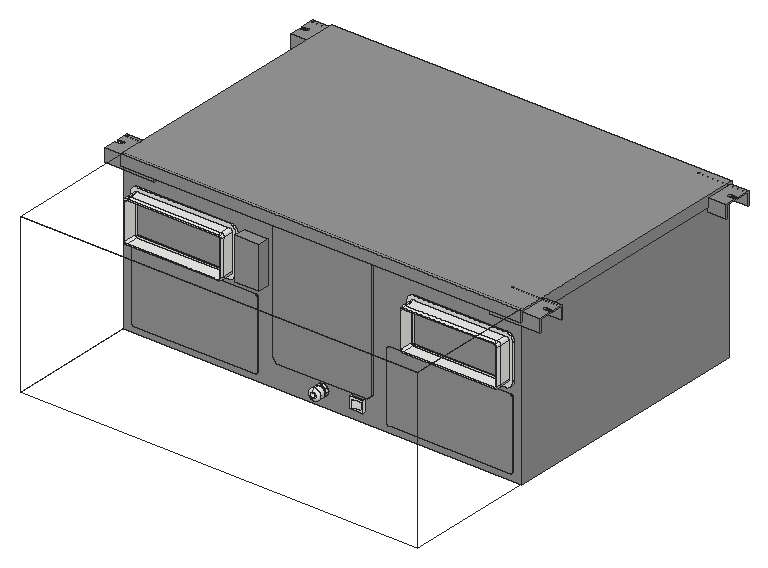
Revit family "CM-XBOX-INLINE2", category Mechanical Equipment, Revit 2015
Parameters
  Width = 923.3 mm
  Weight = 47.00 kg
  Unit Description = "Inline Cooling Module"
  Type Comments = Description  # "Inline Cooling Module"
  Supply Air Flow [instance] = 0.000 m³/s
  Supplier Part No = Nuaire Model Code  # "CM-XBOX-INLINE"
  Starting Current = 2.8 A
  Revit Family Last Revised = "10/01/2020"
  Quote Reference [instance] = ""
  Project Reference [instance] = ""
  Order Reference [instance] = ""
  OmniClass Title = "Refrigerant Condensing Units"
  OmniClass Number = "23-33 37 00"
  Number of Connection Poles = 2
  Nuaire Model No = Nuaire Model Code  # "CM-XBOX-INLINE"
  Nuaire Model Code = "CM-XBOX-INLINE"
  Manufacturer Name = "Nuaire"  # constant formula
  Location Reference [instance] = ""
  Location [instance] = ""
  Length = 610.3 mm
  IFCExportAs = "IfcCondenserType"
  I&M Manual = "http://nuaire.info/IandM/671506.pdf"
  Height = 364.9 mm
  Full Load Current = Starting Current  # 2.8 A
  Fan Unit = no
  Extract Air Flow [instance] = 0.000 m³/s
  Electrical Phase = 1
  Show Access Clearance [instance] = yes
  Voltage = if(Electrical Phase = 3, 400 V, 230 V)  # 230 V
  Model Drawn by = "Michael Grote"  # constant formula
  Maximum Ambient Temperature = 40 °C
  Duct Connection Width = 220 mm
  Duct Connection Height = 90 mm
  Classification.Uniclass.Pr.Number = "Pr_70_65_03_02"
  Classification.Uniclass.Pr.Description = "Air cooled condensing units"
  Catalogue Pages = "http://www.nuaire.info/catalogue/AHU-CAHU.pdf"
  URL = "http://www.nuaire.co.uk"
  Warranty Period = "1 Years"
  Weatherproof or Internal Only = "Internal"
  Manufacturer = Manufacturer Name  # "Nuaire"
  Description = Unit Description  # "Inline Cooling Module"
  Apparent Load = Voltage * Full Load Current  # 644 VA
  Address = "Western Industrial Estate, Caerphilly, UK"  # constant formula
  Postcode = "CF83 1NA"  # constant formula
  Telephone Number = "+44(0)2920-858-200"  # constant formula
  Fax Number = "+44(0)2920-858-222"  # constant formula
  Email Address = "info@nuaire.co.uk"  # constant formula
  VAT Registration Number = "877308"  # constant formula
  Model = Nuaire Model Code  # "CM-XBOX-INLINE"
Reference planes
  plane 1 "Center (Front/Back)": y = 0
  plane 2: z = 0
  plane 3 "Center (Left/Right)": x = 0
  plane 4: x = 461.65
  plane 5: x = -461.65
  plane 6: y = 305.15
  plane 7: y = -305.15
  plane 8: z = 364.9
  plane 9: x = 319.75
  plane 10: x = -319.75
  plane 11: z = 249.9
Forms (mm)
  Extrusion 1, solid, material "Steel, Galvanized"
    sketch origin (0, 0, 0) x (1, 0, 0) y (0, 1, 0)
      loop
        line (-461.65, 305.15) -> (-461.65, -305.15) -> (461.65, -305.15) -> (461.65, 305.15) -> (-461.65, 305.15)
    from 339.9 to 364.9
  Extrusion 2, solid, material "Steel, Galvanized"
    sketch origin (0, 0, 0) x (1, 0, 0) y (0, 1, 0)
      loop
        line (-460, 299.75) -> (-460, -299.3) -> (460, -299.3) -> (460, 299.75) -> (-460, 299.75)
    from 0 to 339.9
  Extrusion 3, solid, material "Steel, Galvanized", detail levels medium+fine
    sketch origin (0, 0, 0) x (1, 0, 0) y (0, 0, -1)
      loop
        line (-115, -339.9) -> (115, -339.9) -> (115, -64.7) -> (104.593, -54.293) -> (-104.393, -54.293) -> (-115, -64.9) -> (-115, -339.9)
    from -300.775 to -299.875
  Extrusion 4, solid, material "Steel, Galvanized", detail levels medium+fine
    sketch origin (0, 0, 0) x (1, 0, 0) y (0, 0, -1)
      loop
        line (435, -15) -> (155, -15)
        arc (155, -15) -> (151.464, -16.464) -> (150, -20) r 5
        line (150, -20) -> (150, -175)
        arc (150, -175) -> (151.464, -178.536) -> (155, -180) r 5
        line (155, -180) -> (435, -180)
        arc (435, -180) -> (438.536, -178.536) -> (440, -175) r 5
        line (440, -175) -> (440, -20)
        arc (440, -20) -> (438.536, -16.464) -> (435, -15) r 5
    from -300.775 to -299.875
  Extrusion 5, solid, material "Steel, Galvanized", detail levels medium+fine
    sketch origin (0, 0, 0) x (-1, 0, 0) y (0, 0, 1)
      loop
        arc (435, 15) -> (438.536, 16.464) -> (440, 20) r 5
        line (440, 20) -> (440, 175)
        arc (440, 175) -> (438.536, 178.536) -> (435, 180) r 5
        line (435, 180) -> (155, 180)
        arc (155, 180) -> (151.464, 178.536) -> (150, 175) r 5
        line (150, 175) -> (150, 20)
        arc (150, 20) -> (151.464, 16.464) -> (155, 15) r 5
        line (155, 15) -> (435, 15)
    from -300.775 to -299.875
  Extrusion 6, solid, material "Steel, Galvanized", detail levels medium+fine
    sketch origin (0, 0, 0) x (1, 0, 0) y (0, 0, -1)
      loop
        line (-126.95, -207.6) -> (-180.75, -207.6) -> (-180.75, -304.4) -> (-126.95, -304.4) -> (-126.95, -207.6)
    from -326.675 to -299.875
  Revolve 7, solid, material "White Plastic"
    sketch origin (0, 0, 0) x (0, 1, 0) y (0, 0, 1)
      loop
        line (-305.15, 48.934) -> (-305.15, 45.15) -> (-310.8, 45.15) -> (-310.8, 48.934) -> (-321.95, 48.934)
        arc (-321.95, 48.934) -> (-325.486, 47.469) -> (-326.95, 43.934) r 5
        line (-326.95, 43.934) -> (-326.95, 41.92) -> (-319.337, 41.92) -> (-319.337, 36.16) -> (-299.3, 36.16) -> (-299.3, 48.934) -> (-300.65, 48.934) -> (-305.15, 48.934)
      axis (-299.3, 36.16) -> (-326.95, 36.16)
    angle from 0 to 360
  Extrusion 8, solid, material "White Plastic"
    sketch origin (0, 0, 0) x (1, 0, 0) y (0, 0, 1)
      loop
        line (67.8, 48.8) -> (67.8, 23.8) -> (98, 23.8) -> (98, 48.8) -> (67.8, 48.8)
    from 299.875 to 305.275
  Extrusion 9, solid, material "White Plastic"
    sketch origin (-2.149, 0, 0) x (1, 0, 0) y (0, 1, 0)
      loop
        line (73.067, -305.15) -> (75.505, -308.056)
        arc (75.505, -308.056) -> (85.782, -305.88) -> (96.261, -305.15) r 75.573
        line (96.261, -305.15) -> (73.067, -305.15)
    from 27.915 to 44.338
  Extrusion 10, solid, material "White Plastic"
    sketch origin (0, -36.244, 6.604) x (0, 1, 0) y (0, 0, 1)
      loop
        circle (255.581, 13.426) r 7.5
      loop
        circle (255.581, 13.426) r 6.389
    from -510.95 to -460
  Extrusion 11, solid, material "Steel, Galvanized", detail levels medium+fine
    sketch origin (0, 0, 0) x (1, 0, 0) y (0, 1, 0)
      loop
        line (-504, 301.3) -> (-504, 270.925) -> (-490, 270.925)
        arc (-490, 270.925) -> (-486, 266.925) -> (-490, 262.925) r 4
        line (-490, 262.925) -> (-504, 262.925) -> (-504, 236.925) -> (-389, 236.925) -> (-389, 301.3) -> (-504, 301.3)
    from 331 to 361
  Extrusion 12, void
    sketch origin (0, 0, 0) x (0, 1, 0) y (0, 0, 1)
      loop
        line (238.925, 331) -> (299.3, 331) -> (299.3, 357)
        arc (299.3, 357) -> (298.714, 358.414) -> (297.3, 359) r 2
        line (297.3, 359) -> (240.925, 359)
        arc (240.925, 359) -> (239.511, 358.414) -> (238.925, 357) r 2
        line (238.925, 357) -> (238.925, 331)
    from -504 to 511.786
  Extrusion 13, solid, material "Steel, Galvanized", detail levels medium+fine
    sketch origin (0, 0, 0) x (-1, 0, 0) y (0, -1, 0)
      loop
        line (-504, -301.3) -> (-389, -301.3) -> (-389, -236.925) -> (-504, -236.925) -> (-504, -262.925) -> (-490, -262.925)
        arc (-490, -262.925) -> (-486, -266.925) -> (-490, -270.925) r 4
        line (-490, -270.925) -> (-504, -270.925) -> (-504, -301.3)
    from 331 to 361
  Extrusion 14, solid, material "Steel, Galvanized", detail levels medium+fine
    sketch origin (0, 0, 0) x (1, 0, 0) y (0, 1, 0)
      loop
        line (-504, -301.3) -> (-389, -301.3) -> (-389, -236.925) -> (-504, -236.925) -> (-504, -262.925) -> (-490, -262.925)
        arc (-490, -262.925) -> (-486, -266.925) -> (-490, -270.925) r 4
        line (-490, -270.925) -> (-504, -270.925) -> (-504, -301.3)
    from 331 to 361
  Extrusion 15, solid, material "Steel, Galvanized", detail levels medium+fine
    sketch origin (0, 0, 0) x (-1, 0, 0) y (0, -1, 0)
      loop
        line (-504, 301.3) -> (-504, 270.925) -> (-490, 270.925)
        arc (-490, 270.925) -> (-486, 266.925) -> (-490, 262.925) r 4
        line (-490, 262.925) -> (-504, 262.925) -> (-504, 236.925) -> (-389, 236.925) -> (-389, 301.3) -> (-504, 301.3)
    from 331 to 361
  Extrusion 16, void
    sketch origin (0, 0, 0) x (0, -1, 0) y (0, 0, -1)
      loop
        line (238.925, -331) -> (238.925, -357)
        arc (238.925, -357) -> (239.511, -358.414) -> (240.925, -359) r 2
        line (240.925, -359) -> (297.3, -359)
        arc (297.3, -359) -> (298.714, -358.414) -> (299.3, -357) r 2
        line (299.3, -357) -> (299.3, -331) -> (238.925, -331)
    from -504 to 530
Cuts and joins
  Extrusion 12 cuts Extrusion 11
  Extrusion 16 cuts Extrusion 14
  Extrusion 16 cuts Extrusion 15
  Extrusion 12 cuts Extrusion 13
Dimensions and locks
  equal spacing: plane 5, plane 3 "Center (Left/Right)", plane 4
  "Width": plane 5 to plane 4
  equal spacing: plane 6, plane 1 "Center (Front/Back)", plane 7
  "Length": plane 6 to plane 7
  "Height": plane 8 to plane 2
  aligned and locked: level to plane 2
Automatic sketch dimensions
  Extrusion 1 sketch curve to plane 5 = 0 mm
  Extrusion 1 sketch curve to plane 4 = 0 mm
  plane 7 to Extrusion 1 sketch curve = 0 mm
  Extrusion 1 sketch curve to plane 6 = 0 mm
  Extrusion 2 sketch curve to plane 5 = 1.65 mm
  Extrusion 2 sketch curve to plane 4 = 1.65 mm
  Extrusion 2 sketch curve to plane 7 = 5.85 mm
  Extrusion 2 sketch curve to plane 6 = 5.4 mm
  Extrusion 3 sketch curve to plane 8 = 25 mm
  Extrusion 3 sketch curve to plane 3 "Center (Left/Right)" = 115 mm
  Extrusion 3 sketch curve to Extrusion 3 sketch curve = 10.607 mm  (x2)
  plane 3 "Center (Left/Right)" to Extrusion 3 sketch curve = 104.593 mm
  plane 3 "Center (Left/Right)" to Extrusion 3 sketch curve = 115 mm
  level to Extrusion 3 sketch curve = 64.9 mm
  level to Extrusion 3 sketch curve = 64.7 mm
  plane 3 "Center (Left/Right)" to Extrusion 4 sketch curve = 150 mm
  Extrusion 4 sketch curve to Extrusion 4 sketch curve = 5 mm  (x3)
  Extrusion 4 sketch curve to plane 4 = 26.65 mm  (x2)
  Extrusion 4 sketch curve to plane 11 = 69.9 mm
  level to Extrusion 4 sketch curve = 20 mm
  Extrusion 5 sketch curve to plane 3 "Center (Left/Right)" = 150 mm
  Extrusion 5 sketch curve to Extrusion 5 sketch curve = 5 mm  (x3)
  Extrusion 5 sketch curve to plane 5 = 26.65 mm  (x2)
  level to Extrusion 5 sketch curve = 15 mm
  Extrusion 5 sketch curve to plane 11 = 74.9 mm
  Extrusion 6 sketch curve to plane 11 = 42.3 mm
  plane 10 to Extrusion 6 sketch curve = 139 mm
  Extrusion 6 sketch curve to Extrusion 6 sketch curve = 53.8 mm
  plane 11 to Extrusion 6 sketch curve = 54.5 mm
  Revolve 7 sketch curve to plane 7 = 0 mm
  plane 7 to Revolve 7 sketch curve = 5.65 mm
  Revolve 7 sketch curve to Revolve 7 sketch curve = 8.537 mm
  Revolve 7 sketch curve to Revolve 7 sketch curve = 2.613 mm
  Revolve 7 sketch curve to Revolve 7 sketch curve = 5 mm
  Revolve 7 sketch curve to plane 7 = 4.5 mm
  Revolve 7 sketch curve to Revolve 7 sketch curve = 1.35 mm
  level to Revolve 7 sketch curve = 36.16 mm
  Revolve 7 sketch curve to Revolve 7 sketch curve = 5.76 mm
  Revolve 7 sketch curve to Revolve 7 sketch curve = 2.014 mm
  Revolve 7 sketch curve to Revolve 7 sketch curve = 3.784 mm  (x2)
  plane 7 to Revolve 7 sketch curve = 6.778 mm
  Revolve 7 sketch curve to Revolve 7 sketch curve = 0 mm  (x2)
  level to Extrusion 8 sketch curve = 23.8 mm
  plane 3 "Center (Left/Right)" to Extrusion 8 sketch curve = 67.8 mm
  Extrusion 8 sketch curve to Extrusion 8 sketch curve = 30.2 mm
  Extrusion 8 sketch curve to Extrusion 8 sketch curve = 25 mm
  plane 7 to Extrusion 9 sketch curve = 0 mm
  plane 3 "Center (Left/Right)" to Extrusion 9 sketch curve = 70.918 mm
  plane 7 to Extrusion 9 sketch curve = 2.906 mm
  Extrusion 9 sketch curve to Extrusion 9 sketch curve = 2.439 mm
  Extrusion 9 sketch curve to Extrusion 9 sketch curve = 20.756 mm
  Extrusion 10 sketch curve to Extrusion 10 sketch curve = 0 mm  (x2)
  level to Extrusion 10 sketch curve = 20.03 mm
  Extrusion 10 sketch curve to plane 6 = 85.813 mm
  Extrusion 11 sketch curve to plane 6 = 3.85 mm
  plane 5 to Extrusion 11 sketch curve = 42.35 mm
  Extrusion 11 sketch curve to Extrusion 11 sketch curve = 0 mm
  Extrusion 11 sketch curve to Extrusion 11 sketch curve = 14 mm
  Extrusion 11 sketch curve to plane 10 = 69.25 mm
  Extrusion 11 sketch curve to Extrusion 11 sketch curve = 30.375 mm
  Extrusion 11 sketch curve to Extrusion 11 sketch curve = 4 mm
  Extrusion 11 sketch curve to Extrusion 11 sketch curve = 64.375 mm
  Extrusion 12 sketch curve to plane 6 = 66.225 mm
  Extrusion 12 sketch curve to Extrusion 12 sketch curve = 2 mm
  Extrusion 12 sketch curve to plane 6 = 7.85 mm
  Extrusion 12 sketch curve to plane 6 = 5.85 mm
  Extrusion 12 sketch curve to plane 8 = 33.9 mm
  Extrusion 12 sketch curve to plane 8 = 7.9 mm
  plane 6 to Extrusion 13 sketch curve = 3.85 mm
  Extrusion 13 sketch curve to plane 4 = 42.35 mm
  Extrusion 13 sketch curve to Extrusion 13 sketch curve = 0 mm
  Extrusion 13 sketch curve to Extrusion 13 sketch curve = 14 mm
  Extrusion 13 sketch curve to plane 9 = 69.25 mm
  Extrusion 13 sketch curve to Extrusion 13 sketch curve = 30.375 mm
  Extrusion 13 sketch curve to Extrusion 13 sketch curve = 4 mm
  Extrusion 13 sketch curve to Extrusion 13 sketch curve = 64.375 mm
  plane 7 to Extrusion 14 sketch curve = 3.85 mm
  Extrusion 14 sketch curve to plane 5 = 42.35 mm
  Extrusion 14 sketch curve to Extrusion 14 sketch curve = 0 mm
  Extrusion 14 sketch curve to Extrusion 14 sketch curve = 14 mm
  plane 10 to Extrusion 14 sketch curve = 69.25 mm
  Extrusion 14 sketch curve to Extrusion 14 sketch curve = 30.375 mm
  Extrusion 14 sketch curve to Extrusion 14 sketch curve = 4 mm
  Extrusion 14 sketch curve to Extrusion 14 sketch curve = 64.375 mm
  Extrusion 15 sketch curve to plane 7 = 3.85 mm
  plane 4 to Extrusion 15 sketch curve = 42.35 mm
  Extrusion 15 sketch curve to Extrusion 15 sketch curve = 0 mm
  Extrusion 15 sketch curve to Extrusion 15 sketch curve = 14 mm
  plane 9 to Extrusion 15 sketch curve = 69.25 mm
  Extrusion 15 sketch curve to Extrusion 15 sketch curve = 30.375 mm
  Extrusion 15 sketch curve to Extrusion 15 sketch curve = 4 mm
  Extrusion 15 sketch curve to Extrusion 15 sketch curve = 64.375 mm
  Extrusion 16 sketch curve to plane 7 = 66.225 mm
  Extrusion 16 sketch curve to Extrusion 16 sketch curve = 2 mm
  Extrusion 16 sketch curve to plane 7 = 7.85 mm
  Extrusion 16 sketch curve to plane 7 = 5.85 mm
  Extrusion 16 sketch curve to plane 8 = 5.9 mm
  Extrusion 16 sketch curve to Extrusion 16 sketch curve = 26 mm
  radius of Extrusion 10 sketch curve = 7.5 mm
  radius of Extrusion 10 sketch curve = 6.389 mm
Nested families
  nested 1: "spigot_220x90" at (-319.75, -299.3, 249.9) x (-1, 0, 0) z (0, -1, 0), type "spigot_220x90"
    with Spigot yes, Blanking Plate no
  nested 2: "spigot_220x90" at (319.75, -299.3, 249.9) x (-1, 0, 0) z (0, -1, 0), type "spigot_220x90"
    with Spigot yes, Blanking Plate no
  nested 3: "spigot_220x90" at (-319.75, 299.75, 249.9) x (1, 0, 0) z (0, 1, 0), type "spigot_220x90"
    with Spigot yes, Blanking Plate no
  nested 4: "spigot_220x90" at (319.75, 299.75, 249.9) x (1, 0, 0) z (0, 1, 0), type "spigot_220x90"
    with Spigot yes, Blanking Plate no
  nested 5: "access_clearance" at (0, -299.3, 0) x (-1, 0, 0) z (0, -1, 0), Width <- "Height", visible <- "Show Access Clearance", type "Access Clearance"
    with Width 364.9 mm, Opening Angle 90.00°, Height 920 mm, Depth 300 mm
Connectors
  electrical at (0, -319.337, 36.16), driven by "Voltage", driven by "Apparent Load"
    settings: on Revolve 7, index 1, voltage 230 V, apparent load 644 VA, apparent load phase1 0 VA, apparent load phase2 0 VA, apparent load phase3 0 VA, power factor 1, load classification "Other", number of poles 2, system type 30, power factor state 1, is connector primary yes, connector utility no, sub classification motor no, connector description "Power Supply"
  piping at (-460, 219.337, 20.03), diameter 15
    settings: on Extrusion 10, index 2, connector inside diameter 609.6 mm, connector length 0 mm, flow factor 0, pipe flow 0.0 L/s, pressure drop 0 kPa, fitting loss kfactor 0, connector angle 0.00°, fixture units 0, engagement length 0 mm, angle of deflection 0.00°, flow configuration 0, flow direction 2, fitting loss method 0, system type 16, joint type 0, gender type 0, connector reference index -1, connector utility 0, adjustable connector no, is connector primary yes, connector description "Condensate Drain"
  hvac at (319.75, 306.75, 249.9), driven by "Duct Connection Height", driven by "Duct Connection Width"
    settings: on nested 4, index 3, duct flow 0.000 m³/s, flow factor 0, pres drop 0.0 Pa, loss coef 0, conn angle 0.00°, conn width 220 mm, conn height 90 mm, conn diameter 609.6 mm, duct sys type 3, conn prof type 1, flow config 1, flow direction 2, loss method 0, conn ref index -1, conn util no, is conn primary yes, conn desc "Discharge to Atmosphere"
  hvac at (319.75, -306.3, 249.9), driven by "Duct Connection Height", driven by "Duct Connection Width"
    settings: on nested 2, index 4, duct flow 0.000 m³/s, flow factor 0, pres drop 0.0 Pa, loss coef 0, conn angle 0.00°, conn width 220 mm, conn height 90 mm, conn diameter 609.6 mm, duct sys type 3, conn prof type 1, flow config 0, flow direction 1, loss method 0, conn ref index -1, conn util no, is conn primary no, conn desc "Discharged air from MVHR"
  hvac at (-319.75, -306.3, 249.9), driven by "Duct Connection Height", driven by "Duct Connection Width"
    settings: on nested 1, index 5, duct flow 0.000 m³/s, flow factor 0, pres drop 0.0 Pa, loss coef 0, conn angle 0.00°, conn width 220 mm, conn height 90 mm, conn diameter 609.6 mm, duct sys type 1, conn prof type 1, flow config 0, flow direction 1, loss method 0, conn ref index -1, conn util no, is conn primary no, conn desc "Fresh Air from MVHR"
  hvac at (-319.75, 306.75, 249.9), driven by "Duct Connection Height", driven by "Duct Connection Width"
    settings: on nested 3, index 6, duct flow 0.000 m³/s, flow factor 0, pres drop 0.0 Pa, loss coef 0, conn angle 0.00°, conn width 220 mm, conn height 90 mm, conn diameter 609.6 mm, duct sys type 1, conn prof type 1, flow config 0, flow direction 2, loss method 0, conn ref index -1, conn util no, is conn primary no, conn desc "Supply to Room"
Definition of nested family "spigot_220x90"
  Parameters (values of type "spigot_220x90")
    Spigot [instance] = not(Blanking Plate)  # yes
    Default Elevation = 1219.2 mm
    Blanking Plate [instance] = no
  Reference planes
    plane 1 "Center (Front/Back)": y = 0
    plane 2: z = 0
    plane 3 "Center (Left/Right)": x = 0
  Forms (mm)
    Extrusion 1, solid
      sketch origin (0, 0, 0) x (1, 0, 0) y (0, 1, 0)
        loop
          line (-1219.2, 1219.2) -> (-1219.2, -1219.2) -> (1219.2, -1219.2) -> (1219.2, 1219.2) -> (-1219.2, 1219.2)
      from 0 to -304.8
    Sweep 2, solid, visible <- "Spigot", detail levels medium+fine
      path origin (0, 0, 0) x (1, 0, 0) y (0, 1, 0)
        loop
          arc (-105.5, 57.5) -> (-117.521, 52.521) -> (-122.5, 40.5) r 17
          line (-122.5, 40.5) -> (-122.5, -40.5)
          arc (-122.5, -40.5) -> (-117.521, -52.521) -> (-105.5, -57.5) r 17
          line (-105.5, -57.5) -> (105.5, -57.5)
          arc (105.5, -57.5) -> (117.521, -52.521) -> (122.5, -40.5) r 17
          line (122.5, -40.5) -> (122.5, 40.5)
          arc (122.5, 40.5) -> (117.521, 52.521) -> (105.5, 57.5) r 17
          line (105.5, 57.5) -> (-105.5, 57.5)
      profile origin (0, 57.5, 0) x (0, 1, 0) y (0, 0, 1)
        loop
          line (-9.5, 27.5) -> (-10.624, 35.5) -> (-12.5, 35.5) -> (-12.5, 7) -> (-15.65, 7) -> (-15.65, 3.5) -> (-12.5, 3.5) -> (-12.5, 0) -> (0, 0) -> (0, 3.5) -> (-9.5, 3.5) -> (-9.5, 27.5)
    Extrusion 3, solid, visible <- "Spigot", detail levels coarse
      sketch origin (0, 0, 0) x (1, 0, 0) y (0, 1, 0)
        loop
          line (-113, 48) -> (-113, -48) -> (113, -48) -> (113, 48) -> (-113, 48)
      from 0 to 35.5
    Extrusion 4, solid, visible <- "Blanking Plate"
      sketch origin (0, 0, 0) x (1, 0, 0) y (0, 1, 0)
        loop
          line (-122.5, 57.5) -> (-122.5, -57.5) -> (122.5, -57.5) -> (122.5, 57.5) -> (-122.5, 57.5)
      from 0 to 1.5
  Dimensions and locks
    aligned and locked: plane 2 to Extrusion 1
    aligned and locked: level to Extrusion 1
Definition of nested family "access_clearance"
  Parameters
    Width [instance] = 500 mm
    URL = ""
    Access General - Rectangular = yes
    Door = no
    Opening Angle [instance] = 90.00°
    Manufacturer = ""
    Depth [instance] = 600 mm
    Height [instance] = 500 mm
    Filter = no
    Description = ""
    Model = ""
    Coil = no
  Reference planes
    plane 1 "Center (Front/Back)": y = 0
    plane 2: z = 0
    plane 3 "Center (Left/Right)": x = 0
    plane 4: z = 600
    plane 5: y = -500
    plane 6: x = 250
    plane 7: x = -250
  Forms (mm)
    Extrusion 1, solid, visible <- "Door"
      sketch origin (0, 0, 0) x (0, 1, 0) y (0, 0, 1)
        loop
          line (0, 0) -> (0, 500)
          arc (0, 500) -> (-353.553, 353.553) -> (-500, 0) r 500
          line (-500, 0) -> (0, 0)
      from -250 to 250
    Extrusion 2, solid, visible <- "Filter"
      sketch origin (0, 0, 0) x (0, 1, 0) y (0, 0, 1)
        loop
          line (0, 600) -> (-500, 600) -> (-500, 0) -> (0, 0) -> (0, 600)
      from -250 to 250
    Extrusion 3, solid, visible <- "Access General - Rectangular"
      sketch origin (0, 0, 0) x (0, 1, 0) y (0, 0, 1)
        loop
          line (0, 600) -> (-500, 600) -> (-500, 0) -> (0, 0) -> (0, 600)
      from -250 to 250
    Extrusion 4, solid, visible <- "Coil"
      sketch origin (0, 0, 0) x (0, 1, 0) y (0, 0, 1)
        loop
          line (0, 600) -> (-500, 600) -> (-500, 0) -> (0, 0) -> (0, 600)
      from -250 to 250
  Lines and regions (mm)
    model lines, not visible
      curve 1: line (0, 0, 0) -> (0, 0, 580)
    reference lines, not visible
      curve 2: circle (0, 0, 0) r 500 normal (1, 0, 0)
  Dimensions and locks
    "Depth": plane 4 to plane 2
    "Width": plane 1 "Center (Front/Back)" to plane 5
    equal spacing: plane 7, plane 3 "Center (Left/Right)", plane 6
    "Height": plane 7 to plane 6
    "Width": radius of curve 2
    "Opening Angle": angle level to curve 1
    aligned and locked: level to plane 2
    aligned and locked: plane 1 "Center (Front/Back)" to curve 1
    aligned and locked: level to curve 1
    aligned and locked: level to Extrusion 1 sketch curve
    aligned and locked: Extrusion 1 sketch curve to curve 2
    aligned and locked: plane 5 to Extrusion 3
    aligned and locked: plane 5 to Extrusion 2
    aligned and locked: plane 5 to Extrusion 4
    aligned and locked: plane 4 to Extrusion 4
    aligned and locked: plane 4 to Extrusion 2
    aligned and locked: plane 4 to Extrusion 3
    aligned and locked: Extrusion 2 to plane 1 "Center (Front/Back)"
    aligned and locked: Extrusion 4 to plane 1 "Center (Front/Back)"
    aligned and locked: Extrusion 3 to plane 1 "Center (Front/Back)"
    aligned and locked: Extrusion 3 to plane 2
    aligned and locked: Extrusion 2 to plane 2
    aligned and locked: Extrusion 4 to plane 2
    aligned and locked: plane 6 to Extrusion 4
    aligned and locked: plane 6 to Extrusion 3
    aligned and locked: plane 6 to Extrusion 2
    aligned and locked: plane 6 to Extrusion 1
    aligned and locked: plane 7 to Extrusion 4
    aligned and locked: plane 7 to Extrusion 3
    aligned and locked: plane 7 to Extrusion 2
    aligned and locked: plane 7 to Extrusion 1
    aligned and locked: Extrusion 1 sketch curve to curve 1
  Automatic sketch dimensions
    Extrusion 2 sketch curve to plane 4 = 0 mm
    Extrusion 2 sketch curve to plane 5 = 0 mm
    Extrusion 2 sketch curve to level = 0 mm
    Extrusion 2 sketch curve to plane 1 "Center (Front/Back)" = 0 mm
    Extrusion 3 sketch curve to plane 4 = 0 mm
    Extrusion 3 sketch curve to plane 5 = 0 mm
    Extrusion 3 sketch curve to level = 0 mm
    Extrusion 3 sketch curve to plane 1 "Center (Front/Back)" = 0 mm
    Extrusion 4 sketch curve to plane 4 = 0 mm
    Extrusion 4 sketch curve to plane 5 = 0 mm
    Extrusion 4 sketch curve to level = 0 mm
    Extrusion 4 sketch curve to plane 1 "Center (Front/Back)" = 0 mm
    curve 2 to level = 0 mm
    curve 2 to plane 1 "Center (Front/Back)" = 0 mm
